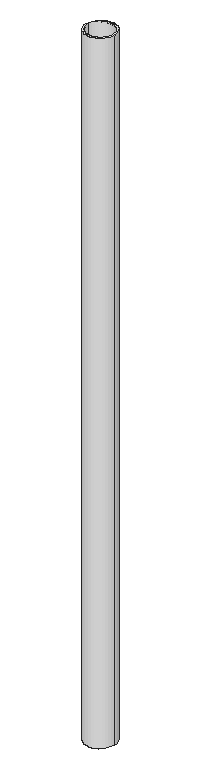
Revit family "M_Coluna de tubulação", category Pilares estruturais, Revit 2019
Family settings
  Forma do corte = Norma de tubulação
  Material para o comportamento do modelo = Aço
  Exportar sempre como geometria = Não
  Redução da viga na planta = Da geometria
  Family Name Key = M_Pipe-Column
  Nome do código = AISC 14.1
  Número OmniClass = 23.25.30.11.14.11
  Título OmniClass = Columns
  ID de item do Seek = Pipe-Column-0000-CAN-ENU
  Corte com vazios quando carregada = Não
  Representação simbólica = Das configurações de projeto
  Compartilhado = Não
  Exibir o pré-corte da família na vista da planta = Sim
Parameters (values of type "PIPE102STD")
  Espessura nominal da parede = 6.02 mm
  Espessura da parede do projeto = 5.61 mm
  Momento de inércia de torção = 566 cm⁴
  Structural Material [instance] = Aço, 45-345
  Section Name Key = ""
  Área de corte = 1910.0 mm²
  Eixo fraco do módulo plástico = 66400.0 mm³
  Eixo forte do módulo plástico = 66400.0 mm³
  Peso nominal = 157.89 N/m
  Eixo fraco do momento de inércia = 284 cm⁴
  Eixo forte do momento de inércia = 284 cm⁴
  Eixo fraco do módulo de elasticidade = 49700.0 mm³
  Eixo forte do módulo de elasticidade = 49700.0 mm³
  Diâmetro = 114.00 mm
  Centróide vertical = Diâmetro / 2  # 57 mm
  Centróide horizontal = Diâmetro / 2  # 57 mm
  Assembly Code = ""
Types (2, lengths in mm): name | Espessura nominal da parede | Espessura da parede do projeto | Momento de inércia de torção | Área de corte | Eixo fraco do módulo plástico | Eixo forte do módulo plástico | Peso nominal | Eixo fraco do momento de inércia | Eixo forte do momento de inércia | Eixo fraco do módulo de elasticidade | Eixo forte do módulo de elasticidade | Diâmetro | Centróide vertical | Centróide horizontal
  PIPE102STD | 6.02 | 5.61 | 566 cm⁴ | 1910.0 mm² | 66400.0 mm³ | 66400.0 mm³ | 157.89 N/m | 284 cm⁴ | 284 cm⁴ | 49700.0 mm³ | 49700.0 mm³ | 114.00 | 57 | 57
  PIPE152STD | 7.11 | 6.63 | 2200 cm⁴ | 3350.0 mm² | 174000.0 mm³ | 174000.0 mm³ | 277.53 N/m | 1100 cm⁴ | 1100 cm⁴ | 131000.0 mm³ | 131000.0 mm³ | 168.00 | 84 | 84
Reference planes
  plane 1 "Centro (Frente/Trás)": y = 0
  plane 2: z = 0
  plane 3 "Centro (Esquerda/Direita)": x = 0
  plane 4: x = -57
  plane 5: x = 57
  plane 6: y = 57
  plane 7: y = -57
  plane 8: x = -50.98
  plane 9: x = 50.98
Forms (mm)
  Extrusion 1, solid, material "Aço, 45-345" <- "Structural Material", detail levels medium+fine
    sketch origin (0, 0, 0) x (1, 0, 0) y (0, 1, 0)
      loop
        circle (0, 0) r 57
      loop
        circle (0, 0) r 50.98
    from 0 to 2500
Lines and regions (mm)
  symbolic lines, style "StructuralColumnStickSymbols", detail levels coarse
    curve 1: arc (-57, 0, 0) -> (0, -57, 0) -> (57, 0, 0) r 57
    curve 2: arc (57, 0, 0) -> (0, 57, 0) -> (-57, 0, 0) r 57
Dimensions and locks
  equal spacing: plane 4, plane 3 "Centro (Esquerda/Direita)", plane 5
  equal spacing: plane 7, plane 1 "Centro (Frente/Trás)", plane 6
  "Diâmetro": plane 7 to plane 6
  "Diâmetro": plane 4 to plane 5
  "Espessura nominal da parede": plane 4 to plane 8
  "Espessura nominal da parede": plane 9 to plane 5
  aligned and locked: level to Extrusion 1
  aligned and locked: level to plane 2
  aligned and locked: Extrusion 1 to plane 2
  aligned and locked: curve 1 to Extrusion 1
Automatic sketch dimensions
  Extrusion 1 sketch curve to Extrusion 1 sketch curve = 0.00 mm  (x2)
  plane 1 "Centro (Frente/Trás)" to Extrusion 1 sketch curve = 0.00 mm
  Extrusion 1 sketch curve to plane 4 = 0.00 mm
  Extrusion 1 sketch curve to plane 8 = 0.00 mm
  Extrusion 1 sketch curve to plane 3 "Centro (Esquerda/Direita)" = 0.00 mm
Types in the file's own list only (35): name | Espessura nominal da parede | Espessura da parede do projeto | Momento de inércia de torção | Chave do nome do corte | Área de corte | Eixo fraco do módulo plástico | Eixo forte do módulo plástico | Peso nominal | Eixo fraco do momento de inércia | Eixo forte do momento de inércia | Eixo fraco do módulo de elasticidade | Eixo forte do módulo de elasticidade | Diâmetro | Centróide vertical | Centróide horizontal
  Pipe305STD | 9.53 mm | 8.86 mm | 218000000.00 mm4 | Pipe 12 Std | 8840.0 mm² | 880000.0 mm³ | 880000.0 mm³ | 73.80 kgf/m | 109000000.00 mm4 | 109000000.00 mm4 | 672000.0 mm³ | 672000.0 mm³ | 325.00 mm | 162.50 mm | 162.50 mm
  Pipe254STD | 9.27 mm | 8.64 mm | 126000000.00 mm4 | Pipe 10 Std | 7420.0 mm² | 605000.0 mm³ | 605000.0 mm³ | 60.20 kgf/m | 62900000.00 mm4 | 62900000.00 mm4 | 460000.0 mm³ | 460000.0 mm³ | 274.00 mm | 137.00 mm | 137.00 mm
  Pipe203STD | 8.18 mm | 7.62 mm | 56600000.00 mm4 | Pipe 8 Std | 5060.0 mm² | 341000.0 mm³ | 341000.0 mm³ | 42.50 kgf/m | 28300000.00 mm4 | 28300000.00 mm4 | 259000.0 mm³ | 259000.0 mm³ | 219.00 mm | 109.50 mm | 109.50 mm
  Pipe127STD | 6.55 mm | 6.12 mm | 11900000.00 mm4 | Pipe 5 Std | 2590.0 mm² | 112000.0 mm³ | 112000.0 mm³ | 21.70 kgf/m | 5950000.00 mm4 | 5950000.00 mm4 | 84200.0 mm³ | 84200.0 mm³ | 141.00 mm | 70.50 mm | 70.50 mm
  Pipe89STD | 5.74 mm | 5.36 mm | 3760000.00 mm4 | Pipe 3 1/2 Std | 1610.0 mm² | 49700.0 mm³ | 49700.0 mm³ | 13.60 kgf/m | 1880000.00 mm4 | 1880000.00 mm4 | 37000.0 mm³ | 37000.0 mm³ | 102.00 mm | 51.00 mm | 51.00 mm
  Pipe76STD | 5.49 mm | 5.11 mm | 2370000.00 mm4 | Pipe 3 Std | 1340.0 mm² | 35900.0 mm³ | 35900.0 mm³ | 11.30 kgf/m | 1190000.00 mm4 | 1190000.00 mm4 | 26700.0 mm³ | 26700.0 mm³ | 88.90 mm | 44.45 mm | 44.45 mm
  Pipe64STD | 5.16 mm | 4.80 mm | 1200000.00 mm4 | Pipe 2 1/2 Std | 1040.0 mm² | 22500.0 mm³ | 22500.0 mm³ | 8.62 kgf/m | 604000.00 mm4 | 604000.00 mm4 | 16600.0 mm³ | 16600.0 mm³ | 73.20 mm | 36.60 mm | 36.60 mm
  Pipe51STD | 3.91 mm | 3.63 mm | 520000.00 mm4 | Pipe 2 Std | 658.0 mm² | 11700.0 mm³ | 11700.0 mm³ | 5.44 kgf/m | 261000.00 mm4 | 261000.00 mm4 | 8650.0 mm³ | 8650.0 mm³ | 60.50 mm | 30.25 mm | 30.25 mm
  Pipe38STD | 3.68 mm | 3.43 mm | 244000.00 mm4 | Pipe 1 1/2 Std | 483.0 mm² | 6900.0 mm³ | 6900.0 mm³ | 4.04 kgf/m | 122000.00 mm4 | 122000.00 mm4 | 5060.0 mm³ | 5060.0 mm³ | 48.30 mm | 24.15 mm | 24.15 mm
  Pipe32STD | 3.56 mm | 3.30 mm | 153000.00 mm4 | Pipe 1 1/4 Std | 403.0 mm² | 5000.0 mm³ | 5000.0 mm³ | 3.38 kgf/m | 76600.00 mm4 | 76600.00 mm4 | 3640.0 mm³ | 3640.0 mm³ | 42.20 mm | 21.10 mm | 21.10 mm
  Pipe25STD | 3.38 mm | 3.15 mm | 69100.00 mm4 | Pipe 1 Std | 303.0 mm² | 2900.0 mm³ | 2900.0 mm³ | 2.50 kgf/m | 34500.00 mm4 | 34500.00 mm4 | 2060.0 mm³ | 2060.0 mm³ | 33.40 mm | 16.70 mm | 16.70 mm
  Pipe19STD | 2.87 mm | 2.67 mm | 29100.00 mm4 | Pipe 3/4 Std | 201.0 mm² | 1540.0 mm³ | 1540.0 mm³ | 1.68 kgf/m | 14600.00 mm4 | 14600.00 mm4 | 1100.0 mm³ | 1100.0 mm³ | 26.70 mm | 13.35 mm | 13.35 mm
  Pipe13STD | 2.77 mm | 2.57 mm | 13300.00 mm4 | Pipe 1/2 Std | 151.0 mm² | 909.0 mm³ | 909.0 mm³ | 1.26 kgf/m | 6660.00 mm4 | 6660.00 mm4 | 636.0 mm³ | 636.0 mm³ | 21.30 mm | 10.65 mm | 10.65 mm
  Pipe305XS | 12.70 mm | 11.80 mm | 282000000.00 mm4 | Pipe 12 x-Strong | 11300.0 mm² | 1150000.0 mm³ | 1150000.0 mm³ | 97.40 kgf/m | 141000000.00 mm4 | 141000000.00 mm4 | 872000.0 mm³ | 872000.0 mm³ | 325.00 mm | 162.50 mm | 162.50 mm
  Pipe254XS | 12.70 mm | 11.80 mm | 166000000.00 mm4 | Pipe 10 x-Strong | 9740.0 mm² | 806000.0 mm³ | 806000.0 mm³ | 81.50 kgf/m | 82800000.00 mm4 | 82800000.00 mm4 | 606000.0 mm³ | 606000.0 mm³ | 274.00 mm | 137.00 mm | 137.00 mm
  Pipe203XS | 12.70 mm | 11.80 mm | 82800000.00 mm4 | Pipe 8 x-Strong | 7680.0 mm² | 508000.0 mm³ | 508000.0 mm³ | 64.50 kgf/m | 41600000.00 mm4 | 41600000.00 mm4 | 379000.0 mm³ | 379000.0 mm³ | 219.00 mm | 109.50 mm | 109.50 mm
  Pipe152XS | 11.00 mm | 10.20 mm | 31900000.00 mm4 | Pipe 6 x-Strong | 5050.0 mm² | 256000.0 mm³ | 256000.0 mm³ | 42.50 kgf/m | 15900000.00 mm4 | 15900000.00 mm4 | 190000.0 mm³ | 190000.0 mm³ | 168.00 mm | 84.00 mm | 84.00 mm
  Pipe127XS | 9.53 mm | 8.86 mm | 16200000.00 mm4 | Pipe 5 x-Strong | 3700.0 mm² | 156000.0 mm³ | 156000.0 mm³ | 30.90 kgf/m | 8120000.00 mm4 | 8120000.00 mm4 | 115000.0 mm³ | 115000.0 mm³ | 141.00 mm | 70.50 mm | 70.50 mm
  Pipe102XS | 8.56 mm | 8.00 mm | 7580000.00 mm4 | Pipe 4 x-Strong | 2670.0 mm² | 90600.0 mm³ | 90600.0 mm³ | 22.30 kgf/m | 3800000.00 mm4 | 3800000.00 mm4 | 66400.0 mm³ | 66400.0 mm³ | 114.00 mm | 57.00 mm | 57.00 mm
  Pipe89XS | 8.08 mm | 7.52 mm | 4950000.00 mm4 | Pipe 3 1/2 x-Strong | 2210.0 mm² | 66700.0 mm³ | 66700.0 mm³ | 18.60 kgf/m | 2470000.00 mm4 | 2470000.00 mm4 | 48700.0 mm³ | 48700.0 mm³ | 102.00 mm | 51.00 mm | 51.00 mm
  Pipe76XS | 7.62 mm | 7.11 mm | 3080000.00 mm4 | Pipe 3 x-Strong | 1830.0 mm² | 47700.0 mm³ | 47700.0 mm³ | 15.30 kgf/m | 1540000.00 mm4 | 1540000.00 mm4 | 34600.0 mm³ | 34600.0 mm³ | 88.90 mm | 44.45 mm | 44.45 mm
  Pipe64XS | 7.01 mm | 6.53 mm | 1520000.00 mm4 | Pipe 2 1/2 x-Strong | 1350.0 mm² | 29000.0 mm³ | 29000.0 mm³ | 11.40 kgf/m | 762000.00 mm4 | 762000.00 mm4 | 20800.0 mm³ | 20800.0 mm³ | 73.20 mm | 36.60 mm | 36.60 mm
  Pipe51XS | 5.54 mm | 5.18 mm | 687000.00 mm4 | Pipe 2 x-Strong | 903.0 mm² | 15800.0 mm³ | 15800.0 mm³ | 7.48 kgf/m | 344000.00 mm4 | 344000.00 mm4 | 11400.0 mm³ | 11400.0 mm³ | 60.50 mm | 30.25 mm | 30.25 mm
  Pipe38XS | 5.08 mm | 4.72 mm | 310000.00 mm4 | Pipe 1 1/2 x-Strong | 645.0 mm² | 9000.0 mm³ | 9000.0 mm³ | 5.40 kgf/m | 155000.00 mm4 | 155000.00 mm4 | 6420.0 mm³ | 6420.0 mm³ | 48.30 mm | 24.15 mm | 24.15 mm
  Pipe32XS | 4.85 mm | 4.52 mm | 192000.00 mm4 | Pipe 1 1/4 x-Strong | 540.0 mm² | 6440.0 mm³ | 6440.0 mm³ | 4.46 kgf/m | 96100.00 mm4 | 96100.00 mm4 | 4560.0 mm³ | 4560.0 mm³ | 42.20 mm | 21.10 mm | 21.10 mm
  Pipe25XS | 4.55 mm | 4.22 mm | 84100.00 mm4 | Pipe 1 x-Strong | 388.0 mm² | 3620.0 mm³ | 3620.0 mm³ | 3.23 kgf/m | 42000.00 mm4 | 42000.00 mm4 | 2520.0 mm³ | 2520.0 mm³ | 33.50 mm | 16.75 mm | 16.75 mm
  Pipe19XS | 3.91 mm | 3.63 mm | 35800.00 mm4 | Pipe 3/4 x-Strong | 263.0 mm² | 1950.0 mm³ | 1950.0 mm³ | 2.20 kgf/m | 17900.00 mm4 | 17900.00 mm4 | 1340.0 mm³ | 1340.0 mm³ | 26.70 mm | 13.35 mm | 13.35 mm
  Pipe13XS | 3.73 mm | 3.48 mm | 15800.00 mm4 | Pipe 1/2 x-Strong | 195.0 mm² | 1120.0 mm³ | 1120.0 mm³ | 1.62 kgf/m | 7910.00 mm4 | 7910.00 mm4 | 757.0 mm³ | 757.0 mm³ | 21.30 mm | 10.65 mm | 10.65 mm
  Pipe203XXS | 22.20 mm | 20.70 mm | 128000000.00 mm4 | Pipe 8 xx-Strong | 12900.0 mm² | 818000.0 mm³ | 818000.0 mm³ | 108.00 kgf/m | 64100000.00 mm4 | 64100000.00 mm4 | 587000.0 mm³ | 587000.0 mm³ | 219.00 mm | 109.50 mm | 109.50 mm
  Pipe152XXS | 21.90 mm | 20.40 mm | 52900000.00 mm4 | Pipe 6 xx-Strong | 9480.0 mm² | 449000.0 mm³ | 449000.0 mm³ | 79.10 kgf/m | 26400000.00 mm4 | 26400000.00 mm4 | 315000.0 mm³ | 315000.0 mm³ | 168.00 mm | 84.00 mm | 84.00 mm
  Pipe127XXS | 19.10 mm | 17.80 mm | 26800000.00 mm4 | Pipe 5 xx-Strong | 6900.0 mm² | 274000.0 mm³ | 274000.0 mm³ | 57.40 kgf/m | 13400000.00 mm4 | 13400000.00 mm4 | 190000.0 mm³ | 190000.0 mm³ | 141.00 mm | 70.50 mm | 70.50 mm
  Pipe102XXS | 17.10 mm | 16.00 mm | 12200000.00 mm4 | Pipe 4 xx-Strong | 4940.0 mm² | 156000.0 mm³ | 156000.0 mm³ | 41.00 kgf/m | 6120000.00 mm4 | 6120000.00 mm4 | 107000.0 mm³ | 107000.0 mm³ | 114.00 mm | 57.00 mm | 57.00 mm
  Pipe76XXS | 15.20 mm | 14.20 mm | 4830000.00 mm4 | Pipe 3 xx-Strong | 3340.0 mm² | 80100.0 mm³ | 80100.0 mm³ | 27.70 kgf/m | 2410000.00 mm4 | 2410000.00 mm4 | 54200.0 mm³ | 54200.0 mm³ | 88.90 mm | 44.45 mm | 44.45 mm
  Pipe64XXS | 14.00 mm | 13.10 mm | 2310000.00 mm4 | Pipe 2 1/2 xx-Strong | 2470.0 mm² | 47700.0 mm³ | 47700.0 mm³ | 20.40 kgf/m | 1160000.00 mm4 | 1160000.00 mm4 | 31800.0 mm³ | 31800.0 mm³ | 73.20 mm | 36.60 mm | 36.60 mm
  Pipe51XXS | 11.10 mm | 10.30 mm | 1060000.00 mm4 | Pipe 2 xx-Strong | 1620.0 mm² | 26200.0 mm³ | 26200.0 mm³ | 13.40 kgf/m | 529000.00 mm4 | 529000.00 mm4 | 17500.0 mm³ | 17500.0 mm³ | 60.50 mm | 30.25 mm | 30.25 mm
